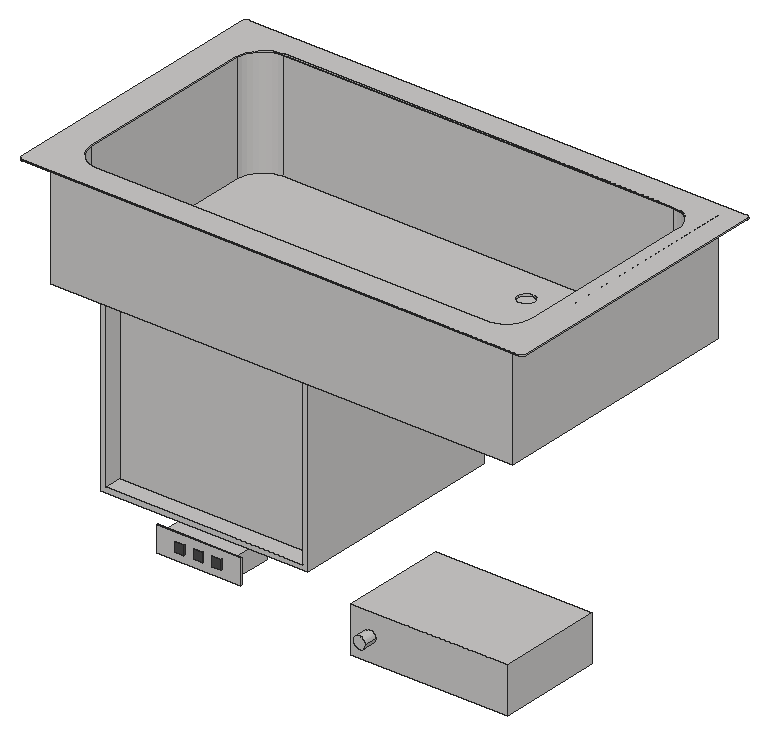
Revit family "QF_ELECTROLUXPROFESSIONAL_341037_D10C3", category Specialty Equipment, Revit 2018
Family settings
  Round Connector Dimension = Use Diameter
  Part Type = Normal
  Work Plane-Based = No
  Always vertical = Yes
  Cut with Voids When Loaded = No
  Shared = No
  Room Calculation Point = No
Parameters (values of type "341037.rfa")
  Weight = 48.90 kg
  Watts = 0 W
  Volts = 0 V
  URL Manufacturer = ""
  URL = ""
  Steam Supply Size = 0 mm
  Steam Supply Minimum Pressure = 0.0 Pa
  Steam Supply Maximum Pressure = 0.0 Pa
  Steam Pounds per Hour = 0
  Show Clearance [instance] = yes
  Remote Electrical Box_Z [instance] = 200.00 mm
  Remote Electrical Box_Y [instance] = 500.00 mm
  Remote Electrical Box_X [instance] = 800.00 mm
  Refrigeration Suction Line Size = 0 mm
  Refrigeration Liquid Line Size = 0 mm
  Refrigerant Compressor Remote = yes
  Manufacturer = ""
  Phase = 0
  Model = ""
  Length Actual = 1100.00 mm  # constant formula
  Item Number = ""
  Hot Water Size = 0 mm
  Height Actual = 595.00 mm  # constant formula
  HP = "0 HP"
  Gas Size = 0 mm
  Gas KW = 0
  Gas Input Pressure = 0 W
  Direct Waste Size = 25.4 mm
  Description = ""
  Depth Actual = 620.00 mm  # constant formula
  Cycle = 0 Hz
  Controller_Y [instance] = 500.00 mm
  Controller_1Z [instance] = 200.00 mm
  Controller_1X [instance] = 300.00 mm
  Condensate Return Size = 0 mm
  Compressed Air Volume = 0.0 L/s
  Compressed Air Size = 0 mm
  Compressed Air Pressure = 0.0 Pa
  Cold Water Size = 0 mm
  Accessory = yes
Types (2, lengths in mm): name | Volts | URL Manufacturer | URL | Manufacturer | Phase | Model | Item Number | Description | Cycle
  341037.rfa | 0 V | "" | "" | "" | 0 | "" | "" | "" | 0 Hz
  Standard | 220 V | "http://professional.electrolux.com" | "http://professional.electrolux.com" | "Electrolux Professional" | 1 | "D10C3" | "341037" | "DROP-IN REFRIGERATED WELL, STATIC, 3GN" | 50 Hz
Reference planes
  plane 1 "Centro (Fronte/Retro)": y = 74.737
  plane 2: z = 0
  plane 3 "BACK": y = 384.737
  plane 4 "FRONT": y = -235.263
  plane 5 "RIGHT": x = 35.731
  plane 6 "LEFT": x = -1064.269
  plane 7: x = -514.269
  plane 8 "TOP": z = 900
  plane 9: y = 354.737
  plane 10: y = -205.263
  plane 11: x = -11.469
  plane 12: x = -1017.069
  plane 13: y = 329.737
  plane 14: y = -180.263
  plane 15: x = -994.269
  plane 16: x = -34.269
  plane 17: z = 898
  plane 18: z = 658
  plane 19: z = 661
  plane 20: z = 265
  plane 21: x = -354.269
  plane 22: y = 349.537
  plane 23: y = -200.063
  plane 24: x = -939.269
  plane 25: x = -489.269
  plane 26: y = 254.737
  plane 27 "1": x = -349.269
  plane 28: y = -165.263
  plane 29: y = 314.737
  plane 30: x = -764.269
  plane 31: x = -264.269
  plane 32: y = -115.263
  plane 33: y = -115.263
  plane 34: z = 200
  plane 35: z = 200
Forms (mm)
  Extrusion 1, solid, material "QF_Finishes_Stainless Steel"
    sketch origin (0, 0, 900) x (-1, 0, 0) y (0, -1, 0)
      loop
        line (11.469, -354.737) -> (1017.069, -354.737) -> (1017.069, 205.263) -> (11.469, 205.263) -> (11.469, -354.737)
    from -2 to -242
  Extrusion 2, void
    sketch origin (0, 0, 900) x (-1, 0, 0) y (0, -1, 0)
      loop
        line (994.269, -273.737) -> (994.269, 124.263)
        arc (994.269, 124.263) -> (977.867, 163.861) -> (938.269, 180.263) r 56
        line (938.269, 180.263) -> (90.269, 180.263)
        arc (90.269, 180.263) -> (50.671, 163.861) -> (34.269, 124.263) r 56
        line (34.269, 124.263) -> (34.269, -273.737)
        arc (34.269, -273.737) -> (50.671, -313.335) -> (90.269, -329.737) r 56
        line (90.269, -329.737) -> (938.269, -329.737)
        arc (938.269, -329.737) -> (977.867, -313.335) -> (994.269, -273.737) r 56
    from 0 to -239
  Extrusion 3, void
    sketch origin (-738.395, -193.95, 900) x (-1, 0, 0) y (0, -1, 0)
      loop
        circle (-389.126, -448.687) r 18
    from -243.6 to -239
  Extrusion 4, solid, material "QF_Finishes_Stainless Steel"
    sketch origin (232.311, 77.737, 0) x (0, -1, 0) y (0, 0, -1)
      loop
        line (204.2, -275) -> (84.2, -275) -> (84.2, -613) -> (204.2, -613) -> (204.2, -275)
    from -1159.58 to -733.58
  Extrusion 5, solid, material "QF_Finishes_Stainless Steel"
    sketch origin (0, 0, 900) x (-1, 0, 0) y (0, -1, 0)
      loop
        arc (1054.269, -384.737) -> (1061.34, -381.808) -> (1064.269, -374.737) r 10
        line (1064.269, -374.737) -> (1064.269, 225.263)
        arc (1064.269, 225.263) -> (1061.34, 232.334) -> (1054.269, 235.263) r 10
        line (1054.269, 235.263) -> (-25.731, 235.263)
        arc (-25.731, 235.263) -> (-32.802, 232.334) -> (-35.731, 225.263) r 10
        line (-35.731, 225.263) -> (-35.731, -374.737)
        arc (-35.731, -374.737) -> (-32.802, -381.808) -> (-25.731, -384.737) r 10
        line (-25.731, -384.737) -> (1054.269, -384.737)
      loop
        arc (934.919, -329.737) -> (976.885, -312.354) -> (994.269, -270.387) r 59.35
        line (994.269, -270.387) -> (994.269, 120.913)
        arc (994.269, 120.913) -> (976.885, 162.88) -> (934.919, 180.263) r 59.35
        line (934.919, 180.263) -> (90.269, 180.263)
        arc (90.269, 180.263) -> (50.671, 163.861) -> (34.269, 124.263) r 56
        line (34.269, 124.263) -> (34.269, -273.737)
        arc (34.269, -273.737) -> (50.671, -313.335) -> (90.269, -329.737) r 56
        line (90.269, -329.737) -> (934.919, -329.737)
    from 0 to -2
  Sweep 6, solid, material "QF_Finishes_Stainless Steel"
    path origin (-349.269, 0, 0) x (0, 1, 0) y (0, 0, 1)
      loop
        line (254.737, 658) -> (254.737, 629) -> (204.737, 629)
    profile origin (-349.269, 254.737, 643.5) x (1, 0, 0) y (0, 1, 0)
      loop
        circle (0, 0) r 18
  Extrusion 7, solid, material "QF_Finishes_Stainless Steel"
    sketch origin (231.731, -231.263, 456) x (0, 0, 1) y (-1, 0, 0)
      loop
        line (202, 1171) -> (-191, 1171) -> (-191, 721) -> (202, 721) -> (202, 731) -> (-181, 731) -> (-181, 1161) -> (202, 1161) -> (202, 1171)
    from -546 to -66
Cuts and joins
  Extrusion 2, Extrusion 3 cuts Extrusion 1
Lines and regions (mm)
  symbolic lines
    curve 1: line (25.731, 384.737, 900) -> (-1054.269, 384.737, 900)
    curve 2: arc (-1054.269, 384.737, 900) -> (-1061.34, 381.808, 900) -> (-1064.269, 374.737, 900) r 10
    curve 3: line (-1064.269, 374.737, 900) -> (-1064.269, -225.263, 900)
    curve 4: arc (-1064.269, -225.263, 900) -> (-1061.34, -232.334, 900) -> (-1054.269, -235.263, 900) r 10
    curve 5: line (-1054.269, -235.263, 900) -> (25.731, -235.263, 900)
    curve 6: arc (25.731, -235.263, 900) -> (32.802, -232.334, 900) -> (35.731, -225.263, 900) r 10
    curve 7: line (35.731, -225.263, 900) -> (35.731, 374.737, 900)
    curve 8: arc (35.731, 374.737, 900) -> (32.802, 381.808, 900) -> (25.731, 384.737, 900) r 10
    curve 9: line (-994.269, -124.263, 900) -> (-994.269, 273.737, 900)
    curve 10: arc (-994.269, 273.737, 900) -> (-977.867, 313.335, 900) -> (-938.269, 329.737, 900) r 56
    curve 11: line (-938.269, 329.737, 900) -> (-90.269, 329.737, 900)
    curve 12: arc (-90.269, 329.737, 900) -> (-50.671, 313.335, 900) -> (-34.269, 273.737, 900) r 56
    curve 13: line (-34.269, 273.737, 900) -> (-34.269, -124.263, 900)
    curve 14: arc (-34.269, -124.263, 900) -> (-50.671, -163.861, 900) -> (-90.269, -180.263, 900) r 56
    curve 15: line (-90.269, -180.263, 900) -> (-938.269, -180.263, 900)
    curve 16: arc (-938.269, -180.263, 900) -> (-977.867, -163.861, 900) -> (-994.269, -124.263, 900) r 56
    curve 17: arc (-331.269, 254.737, 900) -> (-349.269, 272.737, 900) -> (-367.269, 254.737, 900) r 18
    curve 18: arc (-367.269, 254.737, 900) -> (-349.269, 236.737, 900) -> (-331.269, 254.737, 900) r 18
  symbolic lines, style "SpecialityEquipmentHiddenLines"
    curve 19: line (-1017.069, 354.737, 900) -> (-11.469, 354.737, 900)
    curve 20: line (-1017.069, -205.263, 900) -> (-1017.069, 354.737, 900)
    curve 21: line (-11.469, -205.263, 900) -> (-1017.069, -205.263, 900)
    curve 22: line (-11.469, 354.737, 900) -> (-11.469, -205.263, 900)
    curve 23: line (-939.269, 314.737, 900) -> (-489.269, 314.737, 900)
    curve 24: line (-939.269, -165.263, 900) -> (-939.269, 314.737, 900)
    curve 25: line (-489.269, -165.263, 900) -> (-939.269, -165.263, 900)
    curve 26: line (-489.269, 314.737, 900) -> (-489.269, -165.263, 900)
    curve 27: line (-674.269, 329.737, 900) -> (-674.269, -180.263, 900)
    curve 28: line (-354.269, 329.737, 900) -> (-354.269, -180.263, 900)
Dimensions and locks
  plane 6 "LEFT" to plane 5 "RIGHT" = 1100.00 mm
  equal spacing: plane 3 "BACK", plane 1 "Centro (Fronte/Retro)", plane 4 "FRONT"
  plane 3 "BACK" to plane 4 "FRONT" = 620.00 mm
  equal spacing: plane 6 "LEFT", plane 7, plane 5 "RIGHT"
  locked: plane 8 "TOP" to plane 2 at 900
  plane 6 "LEFT" to plane 12 = 47.20 mm
  plane 11 to plane 5 "RIGHT" = 47.20 mm
  locked: plane 3 "BACK" to plane 9 at 30
  locked: plane 10 to plane 4 "FRONT" at 30
  locked: plane 3 "BACK" to plane 13 at 55
  locked: plane 14 to plane 4 "FRONT" at 55
  locked: plane 6 "LEFT" to plane 15 at 70
  locked: plane 16 to plane 5 "RIGHT" at 70
  locked: plane 8 "TOP" to plane 17 at 2
  plane 8 "TOP" to plane 18 = 242.00 mm
  locked: plane 19 to plane 18 at 3
  plane 8 "TOP" to plane 20 = 635.00 mm
  plane 25 to plane 24 = 450.00 mm
  locked: plane 13 to plane 26 at 75
  locked: plane 24 to Extrusion 4 at 12
  locked: plane 25 to Extrusion 4 at 12
  plane 24 to plane 6 "LEFT" = 125.00 mm
  plane 15 to plane 16 = 960.00 mm
  Extrusion 5 to Extrusion 5 = 510.00 mm
  equal spacing: plane 28, plane 1 "Centro (Fronte/Retro)", plane 29
  plane 28 to plane 29 = 480.00 mm
  "Remote Electrical Box_Y": plane 3 "BACK" to plane 32
  "Controller_Y": plane 3 "BACK" to plane 33
  "Controller_1X": plane 6 "LEFT" to plane 30
  "Remote Electrical Box_X": plane 6 "LEFT" to plane 31
  "Remote Electrical Box_Z": plane 34 to plane 2
  "Controller_1Z": plane 35 to plane 2
  aligned and locked: level to plane 2
  aligned and locked: Extrusion 1 sketch curve to plane 9
  aligned and locked: plane 11 to Extrusion 1 sketch curve
  aligned and locked: Extrusion 1 sketch curve to plane 10
  aligned and locked: Extrusion 1 sketch curve to plane 12
  aligned and locked: Extrusion 1 to plane 18
  aligned and locked: Extrusion 2 to plane 19
  aligned and locked: plane 19 to Extrusion 3
  aligned and locked: plane 6 "LEFT" to Extrusion 5 sketch curve
  aligned and locked: Extrusion 5 sketch curve to plane 3 "BACK"
  aligned and locked: Extrusion 5 sketch curve to plane 5 "RIGHT"
  aligned and locked: plane 4 "FRONT" to Extrusion 5 sketch curve
  aligned and locked: Extrusion 5 sketch curve to plane 16
  aligned and locked: Extrusion 5 sketch curve to plane 13
  aligned and locked: plane 15 to Extrusion 5 sketch curve
  aligned and locked: Extrusion 5 sketch curve to plane 14
  aligned and locked: Extrusion 5 to plane 17
  aligned and locked: plane 29 to Extrusion 7
  aligned and locked: Extrusion 7 to plane 28
  aligned and locked: plane 30 to nested 1
  aligned and locked: plane 31 to nested 2
  aligned and locked: nested 1 to plane 33
  aligned and locked: plane 32 to nested 2
  aligned and locked: plane 34 to nested 2
  aligned and locked: nested 1 to plane 35
Automatic sketch dimensions
  Extrusion 2 sketch curve to plane 13 = 56.00 mm
  Extrusion 2 sketch curve to plane 16 = 56.00 mm
  plane 14 to Extrusion 2 sketch curve = 56.00 mm
  plane 15 to Extrusion 2 sketch curve = 56.00 mm
  plane 20 to Extrusion 4 sketch curve = 10.00 mm
  Extrusion 4 sketch curve to plane 22 = 356.00 mm
  Extrusion 4 sketch curve to Extrusion 4 sketch curve = 120.00 mm
  Extrusion 4 sketch curve to plane 18 = 45.00 mm
  Extrusion 3 sketch curve to plane 26 = 0.00 mm
  Extrusion 2 sketch curve to plane 16 = 0.00 mm
  plane 14 to Extrusion 2 sketch curve = 0.00 mm
  Extrusion 2 sketch curve to plane 13 = 0.00 mm
  Extrusion 2 sketch curve to plane 15 = 0.00 mm
  Extrusion 5 sketch curve to plane 5 "RIGHT" = 10.00 mm
  Extrusion 5 sketch curve to plane 3 "BACK" = 10.00 mm  (x2)
  plane 24 to Extrusion 5 sketch curve = 4.35 mm  (x2)
  plane 6 "LEFT" to Extrusion 5 sketch curve = 10.00 mm
  Extrusion 3 sketch curve to plane 16 = 315.00 mm
  plane 26 to Extrusion 5 sketch curve = 19.00 mm
  plane 14 to Extrusion 5 sketch curve = 56.00 mm
  Sweep 6 sketch curve to plane 26 = 0.00 mm
  Sweep 6 sketch curve to plane 18 = 0.00 mm
  Sweep 6 sketch curve to plane 18 = 29.00 mm
  Sweep 6 sketch curve to Sweep 6 sketch curve = 50.00 mm
  Sweep 6 sketch curve to Sweep 6 sketch curve = 0.00 mm  (x2)
  profile plane to Sweep 6 sketch curve = 0.00 mm
  Sweep 6 sketch curve to plane 27 "1" = 0.00 mm
  Sweep 6 sketch curve to plane 27 "1" = 18.00 mm
  Extrusion 7 sketch curve to plane 20 = 0.00 mm
  Extrusion 7 sketch curve to plane 18 = 0.00 mm  (x2)
  Extrusion 7 sketch curve to plane 25 = 0.00 mm
  Extrusion 7 sketch curve to plane 24 = 0.00 mm
  plane 20 to Extrusion 7 sketch curve = 10.00 mm
  Extrusion 7 sketch curve to plane 25 = 10.00 mm
  plane 24 to Extrusion 7 sketch curve = 10.00 mm
  curve 7 to plane 5 "RIGHT" = 0.00 mm
  curve 5 to plane 4 "FRONT" = 0.00 mm
  curve 1 to plane 3 "BACK" = 0.00 mm
  plane 10 to curve 22 = 0.00 mm
  curve 22 to plane 11 = 0.00 mm
  curve 13 to plane 16 = 0.00 mm
  curve 18 to plane 26 = 0.00 mm
  curve 17 to plane 27 "1" = 0.00 mm
  curve 28 to plane 13 = 0.00 mm
  curve 28 to plane 14 = 0.00 mm
  curve 26 to plane 25 = 0.00 mm
  curve 23 to plane 24 = 0.00 mm
  curve 16 to plane 15 = 0.00 mm
  curve 19 to plane 9 = 0.00 mm
  curve 19 to plane 12 = 0.00 mm
  curve 4 to plane 6 "LEFT" = 0.00 mm
  curve 23 to plane 29 = 0.00 mm
  curve 25 to plane 28 = 0.00 mm
  curve 6 to curve 6 = 10.00 mm
  curve 1 to plane 5 "RIGHT" = 10.00 mm
  plane 28 to curve 14 = 41.00 mm
  curve 11 to plane 16 = 56.00 mm
  plane 24 to curve 16 = 1.00 mm
  plane 24 to curve 11 = 1.00 mm
  curve 2 to curve 3 = 10.00 mm
  plane 4 "FRONT" to curve 4 = 10.00 mm
  plane 27 "1" to curve 18 = 18.00 mm
  curve 28 to plane 21 = 0.00 mm
  curve 27 to curve 15 = 264.00 mm
  radius of Extrusion 3 sketch curve = 18.00 mm
Nested families
  nested 1: "Controller" at (-764.269, -115.263, 200), type "Controller"
  nested 2: "Remote_Electrical_Box" at (-264.269, -0.263, 100), type "Remote_Electrical_Box"
  nested 3: "Refrigerator" at (-144.269, -45.263, 900), type "Refrigerator"
Connectors
  piping at (-349.269, 204.737, 629), diameter 36
    settings: on Sweep 6, index 1, connector inside diameter 609.6 mm, connector length 0.00 mm, flow factor 0, pipe flow 0.0 L/s, pressure drop 0.0 Pa, fitting loss kfactor 0, connector angle 0.00°, fixture units 0, engagement length 0.00 mm, angle of deflection 0.00°, flow configuration 1, flow direction 1, fitting loss method 0, system type 16, joint type 0, gender type 0, connector reference index -1, connector utility 0, adjustable connector no, is connector primary yes, connector description "Drain"
  electrical at (-394.269, -142.263, 149.381)
    settings: on nested 2, index 2, voltage 0 V, apparent load 0 VA, apparent load phase1 0 VA, apparent load phase2 0 VA, apparent load phase3 0 VA, power factor 1, load classification "Altro", number of poles 1, system type 14, power factor state 1, is connector primary yes, connector utility no, sub classification motor no, connector description ""
Definition of nested family "Controller"
  Reference planes
    plane 1 "Center (Front/Back)": y = 0
    plane 2: z = 0
    plane 3 "Center (Left/Right)": x = 0
  Forms (mm)
    Extrusion 1, solid
      sketch origin (0, 44.769, -48.2) x (1, 0, 0) y (0, 1, 0)
        loop
          line (-76, 43.231) -> (-76, -47.65) -> (76, -47.65) -> (76, 43.231) -> (-76, 43.231)
      from 6.2 to 48.2
    Extrusion 2, solid
      sketch origin (0, 44.769, -48.2) x (1, 0, 0) y (0, 0, 1)
        loop
          line (-92.25, 54.4) -> (-92.25, 0) -> (92.25, 0) -> (92.25, 54.4) -> (-92.25, 54.4)
        loop
          line (-76, 48.2) -> (-76, 6.2) -> (76, 6.2) -> (76, 48.2) -> (-76, 48.2)
      from 44.769 to 47.65
    Extrusion 3, solid
      sketch origin (76, -2.881, -48.2) x (-1, 0, 0) y (0, 0, -1)
        loop
          line (106, -37.2) -> (126, -37.2) -> (126, -17.2) -> (106, -17.2) -> (106, -37.2)
        loop
          line (66, -37.2) -> (86, -37.2) -> (86, -17.2) -> (66, -17.2) -> (66, -37.2)
        loop
          line (26, -37.2) -> (46, -37.2) -> (46, -17.2) -> (26, -17.2) -> (26, -37.2)
      from 0 to 2
    Extrusion 4, void
      sketch origin (0, 0, 0) x (1, 0, 0) y (0, 1, 0)
        loop
          line (76, 88) -> (-76, 88) -> (-76, 0) -> (76, 0) -> (76, 88)
      from 0 to -42
  Cuts and joins
    Extrusion 4 cuts Extrusion 2
    joined: Extrusion 1, Extrusion 2
  Lines and regions (mm)
    symbolic lines
      curve 1: line (-76, 88, 0) -> (-76, 0, 0)
      curve 2: line (76, 88, 0) -> (-76, 88, 0)
      curve 3: line (76, 0, 0) -> (76, 88, 0)
      curve 4: line (-92.25, -2.881, 0) -> (92.25, -2.881, 0)
      curve 5: line (-92.25, 0, 0) -> (-92.25, -2.881, 0)
      curve 6: line (92.25, 0, 0) -> (-92.25, 0, 0)
      curve 7: line (92.25, -2.881, 0) -> (92.25, 0, 0)
  Dimensions and locks
    aligned and locked: level to plane 2
Definition of nested family "Remote_Electrical_Box"
  Parameters (values of type "Remote_Electrical_Box")
    Default Elevation = 1219.20 mm
  Reference planes
    plane 1 "Center (Front/Back)": y = 0
    plane 2: z = 0
    plane 3 "Center (Left/Right)": x = 0
    plane 4: x = -170
    plane 5: x = 170
    plane 6: y = 115
    plane 7: y = -115
    plane 8: z = 100
    plane 9: z = 50
  Forms (mm)
    Extrusion 1, solid
      sketch origin (0, 0, 0) x (1, 0, 0) y (0, 1, 0)
        loop
          line (-170, 115) -> (-170, -115) -> (170, -115) -> (170, 115) -> (-170, 115)
      from 0 to 100
    Extrusion 2, solid
      sketch origin (0, 0, 0) x (1, 0, 0) y (0, 0, 1)
        loop
          circle (-130, 49.381) r 13
      from 115 to 142
  Lines and regions (mm)
    symbolic lines
      curve 1: line (-170, 115, 0) -> (170, 115, 0)
      curve 2: line (-170, -115, 0) -> (-170, 115, 0)
      curve 3: line (170, -115, 0) -> (-170, -115, 0)
      curve 4: line (170, 115, 0) -> (170, -115, 0)
      curve 5: line (-143, -142, 0) -> (-117, -142, 0)
      curve 6: line (-143, -142, 0) -> (-143, -115, 0)
      curve 7: line (-117, -142, 0) -> (-117, -115, 0)
  Dimensions and locks
    equal spacing: plane 4, plane 3 "Center (Left/Right)", plane 5
    equal spacing: plane 6, plane 1 "Center (Front/Back)", plane 7
    plane 4 to plane 5 = 340.00 mm
    plane 6 to plane 7 = 230.00 mm
    Extrusion 1 to Extrusion 2 sketch curve = 40.00 mm
    equal spacing: plane 8, plane 9, plane 2
    aligned and locked: level to plane 2
    aligned and locked: Extrusion 1 sketch curve to plane 6
    aligned and locked: plane 4 to Extrusion 1 sketch curve
    aligned and locked: plane 7 to Extrusion 1 sketch curve
    aligned and locked: Extrusion 1 sketch curve to plane 5
    aligned and locked: plane 7 to Extrusion 2
    aligned and locked: plane 8 to Extrusion 1
  Automatic sketch dimensions
    level to Extrusion 2 sketch curve = 49.381 mm
    curve 3 to plane 4 = 0.00 mm
    curve 7 to plane 7 = 0.00 mm
    curve 3 to plane 5 = 0.00 mm
    curve 2 to plane 6 = 0.00 mm
    plane 4 to curve 6 = 27.00 mm
    curve 5 to curve 6 = 27.00 mm
    curve 6 to curve 7 = 26.00 mm
    radius of Extrusion 2 sketch curve = 13.00 mm
Definition of nested family "Refrigerator"
  Reference planes
    plane 1 "Center (Front/Back)": y = 0
    plane 2: z = 0
    plane 3 "Center (Left/Right)": x = 0
  Lines and regions (mm)
    detail lines, in view "Ref. Level"
      curve 1: line (0, -60, 0) -> (0, 60, 0)
      curve 2: line (-51.962, 30, 0) -> (51.962, -30, 0)
      curve 3: line (-51.962, -30, 0) -> (51.962, 30, 0)
      curve 4: line (19.116, 56.873, 0) -> (0, 35, 0)
      curve 5: line (0, 35, 0) -> (-19.116, 56.873, 0)
      curve 6: line (-30.311, 17.5, 0) -> (-40, 45.883, 0)
      curve 7: line (-59.736, 11.7, 0) -> (-30.311, 17.5, 0)
      curve 8: line (-30.311, -17.5, 0) -> (-59.736, -11.7, 0)
      curve 9: line (-40, -45.883, 0) -> (-30.311, -17.5, 0)
      curve 10: line (0, -35, 0) -> (-19.116, -56.873, 0)
      curve 11: line (19.116, -56.873, 0) -> (0, -35, 0)
      curve 12: line (30.311, -17.5, 0) -> (39.696, -44.992, 0)
      curve 13: line (58.812, -11.882, 0) -> (30.311, -17.5, 0)
      curve 14: line (30.311, 17.5, 0) -> (58.812, 11.882, 0)
      curve 15: line (39.696, 44.992, 0) -> (30.311, 17.5, 0)
